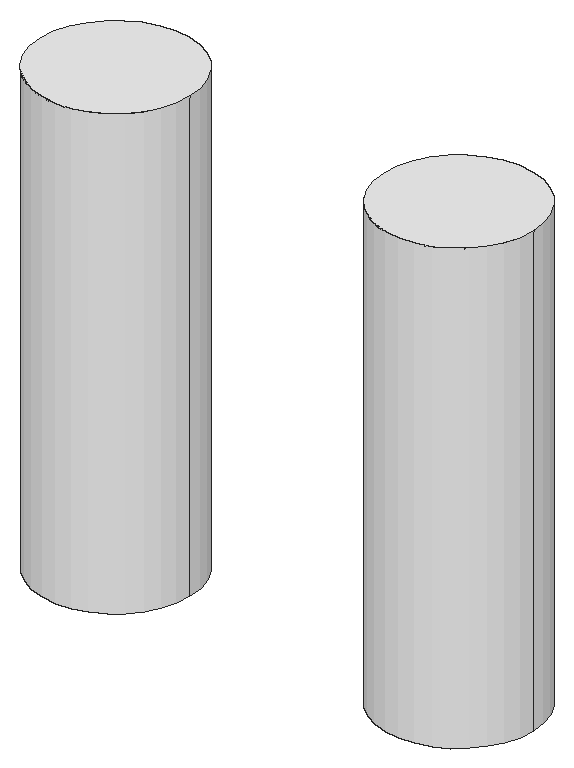
Revit family "56502203", category Plumbing Fixtures, Revit 2018
Family settings
  Round Connector Dimension = Use Diameter
  Part Type = Normal
  OmniClass Number = 23.45.55.00
  OmniClass Title = Sanitary Faucets, Wastes
  Work Plane-Based = No
  Always vertical = Yes
  Cut with Voids When Loaded = No
  Shared = No
  Room Calculation Point = No
Parameters (values of type "56502203 Kitchen faucet ")
  Working Pressure = "50 - 1000 kPa"
  WarrantyStartDate [instance] = "n/a"
  WarrantyGuarantorParts = "n/a"
  WarrantyGuarantorLabor = "n/a"
  WarrantyDurationUnit = "Year"
  WarrantyDurationParts = "n/a"
  WarrantyDurationLabor = "n/a"
  WarrantyDescription = "http://warranty.hansa.com"
  Warranty Information URL = "http://warranty.hansa.com"
  VersionDate = "01/07/2022"
  Version = "3"  # constant formula
  ValvePattern = "n/a"
  ValveOperation = "n/a"
  ValveMechanism = "n/a"
  Uniclass2015Reference = "Pr_40_20_87_96"
  Uniclass2015Description = "Washbasin manual water supply sets"
  Uniclass2 = "Pr_40_30_96_96"
  URL REACH = "http://static.hansa.com/doc/reach"
  URL Declaration of Conformity = "http://static.hansa.com/DoC/56502203"
  URL = ""
  UNSPSC Class Number = "30181700 Faucets or taps"
  TestPressure = "n/a"
  Temperature Adjustments = "Limitation option for maximum temperature and flow-rate ;Adjustable hot water stop (included, retrofittable)"
  Technical DataSheet URL = "http://www.hansa.com/datasheet/56502203/en"
  TagNumber [instance] = "n/a"
  SustainabilityPerformance = "n/a"
  Surface treatment = "Chrome"
  Spout Type = "Swivel spout;Swivel range limiting option"
  Spout Swivel Range = "120° (60° / 0°)"
  Spout Projection = "221 mm"
  Spare-Part Information URL = "http://static.hansa.com/sp/56502203"
  Size = "50x255x300 mm"
  Shape = "Sculptured"
  SerialNumber [instance] = "n/a"
  Sales Package dimensions (LxWxH) = "754 x 334 x 63"
  Revision = "3"  # constant formula
  ReplacementCost = "n/a"
  ProductInformation = "n/a"
  Product URL = "http://static.hansa.com/56502203"
  Product Image URL = "http://static.hansa.com/image/56502203"
  Product Family = "HANSAPALENO "
  Product Code = "56502203"
  OperatingMechanismMaterial = "n/a"
  NominalWidth = 48.501 mm
  NominalHeight = 301 mm
  NominalDepth = 255 mm
  Noise Class = "I(ISO3822)"
  Name_en = "56502203 Kitchen faucet"
  Name = "56502203 Kitchen faucet"
  NBSReference = "45-35-70/371"
  NBSDescription = "Water supply fittings for wash basins and troughs"
  Mounting Holes = "1 hole"
  ModelReference = "56502203"
  ModelNumber = "n/a"
  Model = "56502203 Kitchen faucet"
  Mobile Product Information URL = "http://mpi.hansa.com/56502203"
  Mechanical Parts = "ø 35 mm ceramic cartridge for flow and temperature control"
  Max. Hot Water Supply = 80 °C
  Material = "Brass"
  Market = "International;Germany;Austria;Switzerland;France;Italy;Spain"
  ManufacturerURL = "http://www.hansa.com"
  ManufacturerName = "HANSA"
  Manufacturer = "HANSA"
  Lever Handle = "Hot/Cold symbols;Single operating lever/handle"
  Interactive AR View URL = "https://static.hansa.com/AR/56502203"
  InstallationDate [instance] = "n/a"
  Installation and Maintenance Guide URL = "http://static.hansa.com/manual/56502203"
  Installation Type = "Deck mounted"
  InletConnectionSize = 10 mm
  IfcExportType = "FAUCET"  # constant formula
  IfcExportAs = "IfcValveType"  # constant formula
  Group = "Kitchen faucet"
  Grade = "n/a"
  FlowCoefficient = 0
  Flow Rate At 300kPa = 0.02 L/s
  Flow Drawing URL = "http://static.hansa.com/flowchart/56502203"
  Finish = "Polished"
  Features = "Single-lever"
  FaucetMainMaterial = Brass
  FDV Document URL = "http://www.hansa.com/datasheet/56502203/en/fdv"
  ExpectedLife = "n/a"
  ETIM Class Number = "EC011431 Kitchen mixing tap"
  EN Standard = "EN 817"
  EAN Number = "4057304012341"
  DurationUnit = "Year"
  Dimension Drawing URL = "http://static.hansa.com/dimdrw/56502203"
  Description = ""
  DefaultElevation [instance] = 900 mm
  Constituents = "n/a"
  Connection Size = "G3/8"
  Connection = "Flexible inlet pipes"
  Color = "Chrome"
  CodePerformance = "n/a"
  CloseOffRating = 0
  Category = "Kitchen"
  Catalog Drawing URL = "http://static.hansa.com/catdrw/56502203"
  Brand = "HANSA"
  BodyMaterial = "Brass"
  Barcode [instance] = "n/a"
  Backflow Prevention EN1717 = "AA"
  BIMObjectName = "56502203"
  Author = "BIMStone"
  AssetType = "Fixed"
  AssetIdentifier [instance] = "n/a"
  Advanced Features = "3S-installation system for safe and simple mounting"
  AccessibilityPerformance = "n/a"
  3D View = "https://static.hansa.com/3D/56502203"
  2D/3D/BIM Files URL = "http://static.hansa.com/bim/56502203"
Reference planes
  plane 1 "Center (Front/Back)": y = 0
  plane 2: z = 0
  plane 3 "Center (Left/Right)": x = 0
  plane 4: x = -24.251
  plane 5: z = 1201
  plane 6: z = 900
  plane 7: z = 870
  plane 8: y = -255
  plane 9: x = 24.251
Forms (mm)
  Extrusion 1, solid, material "Brass" <- "FaucetMainMaterial"
    sketch origin (0, -3, 0) x (1, 0, 0) y (0, 1, 0)
      loop
        circle (-11.5, -22.5) r 5
      loop
        circle (11.5, -22.5) r 5
    from 870 to 900
Dimensions and locks
  "NominalHeight": plane 5 to plane 6
  "DefaultElevation": plane 6 to level
  locked: plane 6 to plane 7 at 30
  "NominalDepth": plane 8 to plane 1 "Center (Front/Back)"
  equal spacing: plane 4, plane 3 "Center (Left/Right)", plane 9
  "NominalWidth": plane 4 to plane 9
  "InletConnectionSize": diameter of Extrusion 1 sketch curve  (x2)
  aligned and locked: level to plane 2
  aligned and locked: plane 6 to Extrusion 1
  aligned and locked: Extrusion 1 to plane 7
  aligned and locked: nested 2 to plane 6
  aligned and locked: plane 1 "Center (Front/Back)" to nested 2
Automatic sketch dimensions
  Extrusion 1 sketch curve to plane 3 "Center (Left/Right)" = 11.5 mm
  plane 3 "Center (Left/Right)" to Extrusion 1 sketch curve = 11.5 mm
  plane 1 "Center (Front/Back)" to Extrusion 1 sketch curve = 25.5 mm  (x2)
Nested families
  nested 1: "Symbol" at (0, 0, 0), type "Symbol", detail levels coarse
  nested 2: "56502203_p" at (0, 0, 900), Material <- "FaucetMainMaterial", type "56502203_p"
    with Material Brass
Connectors
  piping at (-11.5, -25.5, 870), diameter 10, driven by "InletConnectionSize"
    settings: on Extrusion 1, index 1, connector inside diameter 609.6 mm, connector length 0 mm, flow factor 0, pipe flow 0.2 L/s, pressure drop 0.0 Pa, fitting loss kfactor 0, connector angle 0.00°, fixture units 0, engagement length 0 mm, angle of deflection 0.00°, flow configuration 1, flow direction 1, fitting loss method 0, system type 19, joint type 0, gender type 0, connector reference index -1, connector utility 0, adjustable connector no, is connector primary yes, connector description ""
  piping at (11.5, -25.5, 870), diameter 10, driven by "InletConnectionSize"
    settings: on Extrusion 1, index 2, connector inside diameter 609.6 mm, connector length 0 mm, flow factor 0, pipe flow 0.2 L/s, pressure drop 0.0 Pa, fitting loss kfactor 0, connector angle 0.00°, fixture units 0, engagement length 0 mm, angle of deflection 0.00°, flow configuration 1, flow direction 1, fitting loss method 0, system type 20, joint type 0, gender type 0, connector reference index -1, connector utility 0, adjustable connector no, is connector primary no, connector description ""
Definition of nested family "Symbol"
  Reference planes
    plane 1: y = 0
    plane 2: x = 0
  Lines and regions (mm)
    detail lines
      curve 1: line (0, 0, 0) -> (0, -1.8, 0)
      curve 2: line (-0.4, -1.1, 0) -> (0.4, -1.1, 0)
      curve 3: line (-0.4, -1.4, 0) -> (0.4, -1.4, 0)
      curve 4: line (0.863, 0, 0) -> (-0.863, 0, 0)
      curve 5: circle (-1.163, 0, 0) r 0.3 normal (0, 0, -1)
      curve 6: circle (1.163, 0, 0) r 0.3 normal (0, 0, 1)
